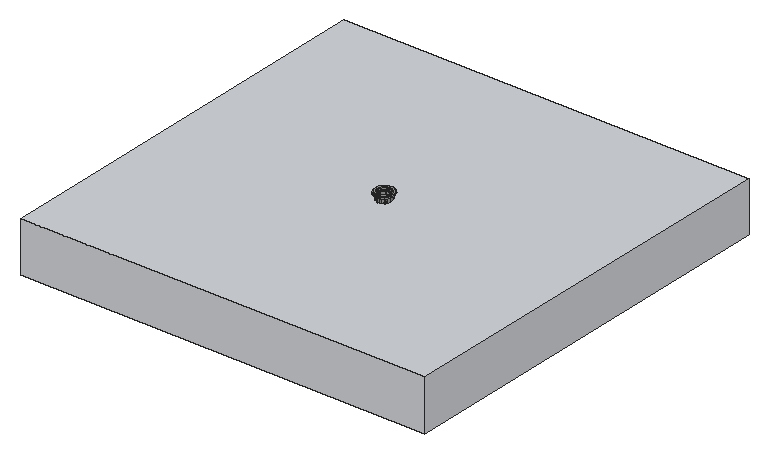
Revit family "Hekatron_Feststellanlagen_Sockel 143 UH_DE_22.01", category Brandmelder, Revit 2018
Family settings
  Basisbauteil = Fläche
  Beschriftungsausrichtung beibehalten = Ja
  Bemaßung runder Anschluss = Durchmesser verwenden
  Teiletyp = Normal
  OmniClass-Nummer = 23.85.30.21
  OmniClass-Titel = Environmental Detection/Registration
  Beim Laden mit Abzugskörper schneiden = Nein
  Gemeinsam genutzt = Nein
  Raumberechnungspunkt = Nein
Parameters (values of type "Base 143 UH")
  Zulässige Umgebungstemperatur = ""
  Zulässige Luftgeschwindigkeit = ""
  Zulassungen nach EN 54 = ""
  Version des BIM Objektes = "22.01"
  VdS-Anerkennung = ""
  URL = "https://www.hekatron-brandschutz.de"
  UB A&S Artikel Nummer = "5000359"
  Typenkommentare = "Unterputzsockel für Hohldecken"
  Tiefe (mm) = ""
  Stromaufnahme = ""
  Schutzart = "IP 42"
  Rauchteil einstellbar = ""
  Nettogewicht (g) = ""
  Montageart = "Unterputz"
  Modell = "Sockel 143 UH"
  Material = "PC"
  Link zum Datenblatt = ""
  Link zu ausschreiben.de = "http://www.ausschreiben.de/katalog/Hekatron/position/44"
  Link zu Produktinformation = "https://www.hekatron-planungstools.de/Produktinfo/Sockel_143_UH.PDF"
  Link zu Ausschreibungstext = "https://www.meinhplus.de/login"
  Leistungserklärung (DoP) = ""
  Lautstärke DIN-Ton (dB) = ""
  Kabeleinführung = "hinten, seitlich"
  Höhe (mm) = "42.5"
  Hersteller = "Hekatron"
  Heigth [instance] = 114 mm
  Funktionsprinzip = ""
  Farbe = "weiß, ähnlich RAL 9010"
  Ex-Zonen = ""
  Einstellung Temperaturklasse nach EN 54-5 = ""
  Einstellung Temperaturindex nach EN 54-5 = ""
  Einstellung Rauchempfindlichkeit nach EN 54-20 = ""
  Einstellen Rauchempfindlichkeit nach EN 54-7 = ""
  EG-Konformitätszertifikat / Zertifikat der Leistungsbeständigkeit = ""
  Durchmesser (mm) = "114.0"
  Depth [instance] = 40.5 mm
  Vorgabe-Ansicht = 1200 mm
  Breite (mm) = ""
  Betriebsspannung = ""
  Beschreibung = "Sockel zum Einsatz in Räumen mit Hohldecken und zur Unterputzmontage für den Rauchschalter ORS 142 und den Thermodifferntialschalter TDS 247."
  Bauartgenehmigungen = ""
  Anzahl Ansaugleitungen = ""
  Ansprechtemperatur = ""
  Alarm- & Empfindlichkeitsbereich = ""
Reference planes
  plane 1 "Center (Front/Back)": y = 0
  plane 2: z = 0
  plane 3 "Center (Left/Right)": x = 0
Forms (mm)
  Extrusion 1, solid
    sketch origin (0, 0, 0) x (1, 0, 0) y (0, 1, 0)
      loop
        line (-1219.2, 1219.2) -> (-1219.2, -1219.2) -> (1219.2, -1219.2) -> (1219.2, 1219.2) -> (-1219.2, 1219.2)
    from 0 to -304.8
  Revolve 2, solid, material "PC/ABS Plastic, RAL 9010"
    sketch origin (0, 0, 6.5) x (1, 0, 0) y (0, 0, 1)
      loop
        line (-39.25, 33) -> (-40.1, 33) -> (-39.65, 0) -> (0, 0) -> (0, 2.5) -> (-37.279, 2.5) -> (-37.488, 14.05) -> (0, 14.05) -> (0, 16) -> (-38.282, 16) -> (-38.35, 21) -> (-39.15, 21) -> (-39.25, 33)
      axis (0, 33) -> (0, 0)
    angle from 0 to 360
  Extrusion 3, void
    sketch origin (0, 0, 6.5) x (1, 0, 0) y (0, 1, 0)
      loop
        arc (28.36, -4.925) -> (32.5, 0) -> (28.36, 4.925) r 5
        arc (28.36, 4.925) -> (24.666, 14.838) -> (17.641, 22.746) r 28.785
        line (17.641, 22.746) -> (17.151, 22.114)
        arc (17.151, 22.114) -> (15.034, 23.604) -> (12.789, 24.892) r 27.985
        line (12.789, 24.892) -> (13.154, 25.603)
        arc (13.154, 25.603) -> (3.677, 28.549) -> (-6.238, 28.101) r 28.785
        line (-6.238, 28.101) -> (-6.064, 27.32)
        arc (-6.064, 27.32) -> (-8.505, 26.661) -> (-10.876, 25.785) r 27.985
        line (-10.876, 25.785) -> (-11.187, 26.522)
        arc (-11.187, 26.522) -> (-19.457, 21.213) -> (-25.459, 13.431) r 28.785
        line (-25.459, 13.431) -> (-24.752, 13.058)
        arc (-24.752, 13.058) -> (-25.863, 10.689) -> (-26.748, 8.228) r 27.985
        line (-26.748, 8.228) -> (-27.513, 8.463)
        arc (-27.513, 8.463) -> (-27.992, 6.708) -> (-28.36, 4.925) r 28.785
        arc (-28.36, 4.925) -> (-32.5, 0) -> (-28.36, -4.925) r 5
        arc (-28.36, -4.925) -> (-24.677, -14.82) -> (-17.673, -22.72) r 28.785
        line (-17.673, -22.72) -> (-17.182, -22.089)
        arc (-17.182, -22.089) -> (-15.045, -23.597) -> (-12.776, -24.898) r 27.985
        line (-12.776, -24.898) -> (-13.141, -25.61)
        arc (-13.141, -25.61) -> (-3.76, -28.538) -> (6.06, -28.14) r 28.785
        line (6.06, -28.14) -> (5.892, -27.358)
        arc (5.892, -27.358) -> (8.336, -26.714) -> (10.713, -25.853) r 27.985
        line (10.713, -25.853) -> (11.019, -26.592)
        arc (11.019, -26.592) -> (19.396, -21.269) -> (25.467, -13.417) r 28.785
        line (25.467, -13.417) -> (24.759, -13.045)
        arc (24.759, -13.045) -> (25.858, -10.701) -> (26.736, -8.266) r 27.985
        line (26.736, -8.266) -> (27.5, -8.503)
        arc (27.5, -8.503) -> (27.988, -6.728) -> (28.36, -4.925) r 28.785
    from 14.05 to 16
  Extrusion 4, void
    sketch origin (0, 0, 6.5) x (1, 0, 0) y (0, 1, 0)
      loop
        arc (-23.747, 19.926) -> (-23.932, 22.04) -> (-26.046, 21.855) r 1.5
        arc (-26.046, 21.855) -> (-28.356, 18.761) -> (-30.3, 15.425) r 34
        arc (-30.3, 15.425) -> (-31.284, 9.714) -> (-27.574, 14.166) r 3
        arc (-27.574, 14.166) -> (-25.822, 17.153) -> (-23.747, 19.926) r 31
      loop
        arc (26.046, 21.855) -> (23.4, 24.667) -> (20.452, 27.161) r 34
        arc (20.452, 27.161) -> (14.999, 29.122) -> (18.739, 24.695) r 3
        arc (18.739, 24.695) -> (21.376, 22.451) -> (23.747, 19.926) r 31
        arc (23.747, 19.926) -> (25.861, 19.742) -> (26.046, 21.855) r 1.5
      loop
        arc (30.3, -15.425) -> (31.284, -9.714) -> (27.574, -14.166) r 3
        arc (27.574, -14.166) -> (25.822, -17.153) -> (23.747, -19.926) r 31
        arc (23.747, -19.926) -> (23.932, -22.04) -> (26.046, -21.855) r 1.5
        arc (26.046, -21.855) -> (28.356, -18.761) -> (30.3, -15.425) r 34
      loop
        arc (7.66, -33.126) -> (12.668, -30.209) -> (6.873, -30.229) r 3
        arc (6.873, -30.229) -> (3.458, -30.807) -> (0, -31) r 31
        arc (0, -31) -> (-1.5, -32.5) -> (0, -34) r 1.5
        arc (0, -34) -> (3.855, -33.781) -> (7.66, -33.126) r 34
      loop
        arc (-20.452, -27.161) -> (-14.999, -29.122) -> (-18.739, -24.695) r 3
        arc (-18.739, -24.695) -> (-21.376, -22.451) -> (-23.747, -19.926) r 31
        arc (-23.747, -19.926) -> (-25.861, -19.742) -> (-26.046, -21.855) r 1.5
        arc (-26.046, -21.855) -> (-23.4, -24.667) -> (-20.452, -27.161) r 34
    from 14.05 to 16
  Extrusion 5, void
    sketch origin (0, 0, 6.5) x (0, 1, 0) y (0, 0, 1)
      loop
        circle (0, 8) r 5
    from 38.482 to 40.099
  Extrusion 6, void
    sketch origin (0, 0, 6.5) x (0, 1, 0) y (0, 0, -1)
      loop
        circle (0, -8) r 5
    from 38.482 to 40.099
  Extrusion 7, solid, material "PC/ABS Plastic, RAL 9010"
    sketch origin (0, 0, 6.5) x (1, 0, 0) y (0, 1, 0)
      loop
        line (26.626, 5.864) -> (27.992, 5.864)
        arc (27.992, 5.864) -> (24.302, 15.079) -> (17.685, 22.477) r 28.6
        line (17.685, 22.477) -> (17.177, 21.821)
        arc (17.177, 21.821) -> (14.919, 23.423) -> (12.513, 24.792) r 27.771
        line (12.513, 24.792) -> (12.892, 25.53)
        arc (12.892, 25.53) -> (3.653, 28.366) -> (-6.002, 27.963) r 28.6
        line (-6.002, 27.963) -> (-5.822, 27.153)
        arc (-5.822, 27.153) -> (-8.44, 26.457) -> (-10.977, 25.509) r 27.771
        line (-10.977, 25.509) -> (-11.299, 26.273)
        arc (-11.299, 26.273) -> (-19.332, 21.077) -> (-25.202, 13.521) r 28.6
        line (-25.202, 13.521) -> (-24.468, 13.134)
        arc (-24.468, 13.134) -> (-25.665, 10.608) -> (-26.601, 7.974) r 27.771
        line (-26.601, 7.974) -> (-27.394, 8.217)
        arc (-27.394, 8.217) -> (-27.718, 7.047) -> (-27.992, 5.864) r 28.6
        line (-27.992, 5.864) -> (-26.626, 5.864)
        arc (-26.626, 5.864) -> (0, 27.264) -> (26.626, 5.864) r 27.264
      loop
        arc (26.626, -5.864) -> (0, -27.264) -> (-26.626, -5.864) r 27.264
        line (-26.626, -5.864) -> (-27.992, -5.864)
        arc (-27.992, -5.864) -> (-24.313, -15.061) -> (-17.717, -22.451) r 28.6
        line (-17.717, -22.451) -> (-17.208, -21.797)
        arc (-17.208, -21.797) -> (-14.93, -23.416) -> (-12.5, -24.799) r 27.771
        line (-12.5, -24.799) -> (-12.878, -25.536)
        arc (-12.878, -25.536) -> (-3.735, -28.355) -> (5.826, -28) r 28.6
        line (5.826, -28) -> (5.651, -27.19)
        arc (5.651, -27.19) -> (8.273, -26.51) -> (10.816, -25.578) r 27.771
        line (10.816, -25.578) -> (11.133, -26.344)
        arc (11.133, -26.344) -> (19.271, -21.132) -> (25.209, -13.508) r 28.6
        line (25.209, -13.508) -> (24.475, -13.121)
        arc (24.475, -13.121) -> (25.66, -10.619) -> (26.59, -8.012) r 27.771
        line (26.59, -8.012) -> (27.382, -8.257)
        arc (27.382, -8.257) -> (27.713, -7.067) -> (27.992, -5.864) r 28.6
        line (27.992, -5.864) -> (26.626, -5.864)
    from 2.5 to 16
  Extrusion 8, void
    sketch origin (0, 0, 6.5) x (1, 0, 0) y (0, 1, 0)
      loop
        circle (25, 0) r 2.25
      loop
        circle (16.5, 0) r 4.75
      loop
        circle (-16.5, 0) r 4.75
      loop
        circle (-25, 0) r 2.25
      loop
        circle (-29.75, 0) r 1.85
      loop
        circle (29.75, 0) r 1.85
    from 0 to 2.5
  Blend 9, solid, material "PC/ABS Plastic, RAL 9010"
    base sketch origin (0, 0, 0) x (1, 0, 0) y (0, 1, 0)
      loop
        circle (-25, 0) r 1.75
    top sketch origin (0, 0, 0) x (1, 0, 0) y (0, 1, 0)
      loop
        circle (-25, 0) r 2.25
    from 9 to 7.75
  Blend 10, solid, material "PC/ABS Plastic, RAL 9010"
    base sketch origin (0, 0, 0) x (-1, 0, 0) y (0, -1, 0)
      loop
        circle (-16.5, 0) r 4.25
    top sketch origin (0, 0, 0) x (-1, 0, 0) y (0, -1, 0)
      loop
        circle (-16.5, 0) r 4.75
    from 9 to 7.75
  Extrusion 11, void
    sketch origin (0, 0, 6.5) x (1, 0, 0) y (0, 1, 0)
      loop
        circle (-9.773, -30.996) r 2.15
      loop
        circle (17.462, -27.41) r 2.15
      loop
        circle (30.026, 12.437) r 2.15
      loop
        circle (9.773, 30.996) r 2.15
      loop
        circle (-17.462, 27.41) r 2.15
      loop
        circle (-30.026, -12.437) r 2.15
    from 14.5 to 16
  Extrusion 12, solid, material "PC/ABS Plastic, RAL 9010"
    sketch origin (47.488, -14.973, 6.5) x (1, 0, 0) y (0, 1, 0)
      loop
        circle (-17.466, 27.408) r 1.9
      loop
        circle (-37.719, 45.966) r 1.9
      loop
        circle (-64.954, 42.381) r 1.9
      loop
        circle (-77.518, 2.533) r 1.9
      loop
        circle (-57.265, -16.025) r 1.9
      loop
        circle (-30.03, -12.44) r 1.9
    from 14.5 to 15.525
  Extrusion 13, void
    sketch origin (0, 0, 6.5) x (1, 0, 0) y (0, 1, 0)
      loop
        line (-35, -7.868) -> (-35, 7.75) -> (-37.489, 7.75)
        arc (-37.489, 7.75) -> (-38.083, 3.895) -> (-38.282, 0) r 38.282
        arc (-38.282, 0) -> (-38.077, -3.955) -> (-37.465, -7.868) r 38.282
        line (-37.465, -7.868) -> (-35, -7.868)
      loop
        line (34.75, -7.868) -> (37.465, -7.868)
        arc (37.465, -7.868) -> (38.077, -3.955) -> (38.282, 0) r 38.282
        arc (38.282, 0) -> (38.083, 3.895) -> (37.489, 7.75) r 38.282
        line (37.489, 7.75) -> (34.75, 7.75) -> (34.75, -7.868)
    from 14.05 to 16
  Extrusion 14, solid, material "PC/ABS Plastic, RAL 9010"
    sketch origin (0, 0, 6.5) x (1, 0, 0) y (0, 1, 0)
      loop
        arc (-37.53, 7.55) -> (-38.093, 3.794) -> (-38.282, 0) r 38.282
        arc (-38.282, 0) -> (-38.087, -3.853) -> (-37.506, -7.668) r 38.282
        line (-37.506, -7.668) -> (-35.1, -7.668) -> (-35.1, -5.07) -> (-36, -5.07) -> (-36, 5.07) -> (-35.1, 5.07) -> (-35.1, 7.55) -> (-37.53, 7.55)
    from 0 to 16
  Extrusion 15, solid, material "PC/ABS Plastic, RAL 9010"
    sketch origin (0, 0, 6.5) x (-1, 0, 0) y (0, -1, 0)
      loop
        line (-37.53, -7.55) -> (-35.1, -7.55) -> (-35.1, -5.07) -> (-36, -5.07) -> (-36, 5.07) -> (-35.1, 5.07) -> (-35.1, 7.668) -> (-37.506, 7.668)
        arc (-37.506, 7.668) -> (-38.087, 3.853) -> (-38.282, 0) r 38.282
        arc (-38.282, 0) -> (-38.093, -3.794) -> (-37.53, -7.55) r 38.282
    from 0 to 16
  Extrusion 16, void
    sketch origin (0, 0, 6.5) x (0, 1, 0) y (0, 0, 1)
      loop
        circle (0, 8) r 4
    from -36.527 to -36
  Extrusion 17, void
    sketch origin (0, 0, 6.5) x (0, 1, 0) y (0, 0, 1)
      loop
        circle (0, 8) r 1.5
    from -37.16 to -36.527
  Extrusion 18, void
    sketch origin (0, 0, 6.5) x (0, 1, 0) y (0, 0, -1)
      loop
        circle (0, -8) r 4
    from -36.527 to -36
  Extrusion 19, void
    sketch origin (0, 0, 6.5) x (0, 1, 0) y (0, 0, -1)
      loop
        circle (0, -8) r 1.5
    from -37.16 to -36.527
  Revolve 20, solid, material "PC/ABS Plastic, RAL 9010"
    sketch origin (0, 0, 6.5) x (1, 0, 0) y (0, 0, 1)
      loop
        line (-2.75, 2.5) -> (0, 2.5) -> (0, 3.595)
        arc (0, 3.595) -> (-1.48, 3.311) -> (-2.75, 2.5) r 4
      axis (0, 3.595) -> (0, 2.5)
    angle from 0 to 360
  Blend 21, solid, material "PC/ABS Plastic, RAL 9010"
    base sketch origin (0, 0, 2.5) x (0, -1, 0) y (1, 0, 0)
      loop
        circle (0, -25) r 1.75
    top sketch origin (0, 0, 2.5) x (0, -1, 0) y (1, 0, 0)
      loop
        circle (0, -25) r 2.25
    from 4 to 5.25
  Blend 22, solid, material "PC/ABS Plastic, RAL 9010"
    base sketch origin (0, 0, 2.5) x (0, 1, 0) y (-1, 0, 0)
      loop
        circle (0, -16.5) r 4.25
    top sketch origin (0, 0, 2.5) x (0, 1, 0) y (-1, 0, 0)
      loop
        circle (0, -16.5) r 4.75
    from 4 to 5.25
  Blend 23, solid, material "PC/ABS Plastic, RAL 9010"
    base sketch origin (0, 0, 0) x (1, 0, 0) y (0, 1, 0)
      loop
        circle (-16.5, 0) r 4.25
    top sketch origin (0, 0, 0) x (1, 0, 0) y (0, 1, 0)
      loop
        circle (-16.5, 0) r 4.75
    from 9 to 7.75
  Blend 24, solid, material "PC/ABS Plastic, RAL 9010"
    base sketch origin (0, 0, 2.5) x (0, -1, 0) y (1, 0, 0)
      loop
        circle (0, -16.5) r 4.25
    top sketch origin (0, 0, 2.5) x (0, -1, 0) y (1, 0, 0)
      loop
        circle (0, -16.5) r 4.75
    from 4 to 5.25
  Blend 25, solid, material "PC/ABS Plastic, RAL 9010"
    base sketch origin (0, 0, 0) x (-1, 0, 0) y (0, -1, 0)
      loop
        circle (-25, 0) r 1.75
    top sketch origin (0, 0, 0) x (-1, 0, 0) y (0, -1, 0)
      loop
        circle (-25, 0) r 2.25
    from 9 to 7.75
  Blend 26, solid, material "PC/ABS Plastic, RAL 9010"
    base sketch origin (0, 0, 2.5) x (0, 1, 0) y (-1, 0, 0)
      loop
        circle (0, -25) r 1.75
    top sketch origin (0, 0, 2.5) x (0, 1, 0) y (-1, 0, 0)
      loop
        circle (0, -25) r 2.25
    from 4 to 5.25
  Revolve 27, solid, material "PC/ABS Plastic, RAL 9010"
    sketch origin (0, 0, 0) x (1, 0, 0) y (0, 0, 1)
      loop
        line (-53.825, 40.5) -> (-57, 35) -> (-57, 32) -> (-42, 32) -> (-42, 0) -> (-32, 0) -> (-32, 2) -> (-36.5, 2) -> (-36.5, 6.5) -> (-39.65, 6.5) -> (-40.1, 39.5) -> (-39.15, 39.5) -> (-39.15, 40.5) -> (-53.825, 40.5)
      axis (0, 40.5) -> (0, 0)
    angle from 0 to 360
  Extrusion 28, void
    sketch origin (0, 0, 0) x (1, 0, 0) y (0, 1, 0)
      loop
        arc (-28.932, 30.445) -> (-29.824, 29.573) -> (-30.688, 28.674) r 42
        arc (-30.688, 28.674) -> (-28.862, 28.62) -> (-28.932, 30.445) r 1.25
      loop
        arc (28.932, 30.445) -> (28.862, 28.62) -> (30.688, 28.674) r 1.25
        arc (30.688, 28.674) -> (29.824, 29.573) -> (28.932, 30.445) r 42
      loop
        arc (-28.932, -30.445) -> (-28.862, -28.62) -> (-30.688, -28.674) r 1.25
        arc (-30.688, -28.674) -> (-29.824, -29.573) -> (-28.932, -30.445) r 42
      loop
        arc (28.932, -30.445) -> (29.824, -29.573) -> (30.688, -28.674) r 42
        arc (30.688, -28.674) -> (28.862, -28.62) -> (28.932, -30.445) r 1.25
    from 0 to 32
  Extrusion 29, void
    sketch origin (0, 0, 0) x (1, 0, 0) y (0, 1, 0)
      loop
        arc (-24.529, 29.5) -> (-24.889, 31.405) -> (-25.92, 33.048) r 5.221
        arc (-25.92, 33.048) -> (-26.883, 32.269) -> (-27.823, 31.462) r 42
        arc (-27.823, 31.462) -> (-27.214, 30.564) -> (-27, 29.5) r 2.75
        arc (-27, 29.5) -> (-28.698, 26.959) -> (-31.696, 27.557) r 2.75
        arc (-31.696, 27.557) -> (-32.495, 26.61) -> (-33.265, 25.64) r 42
        arc (-33.265, 25.64) -> (-27.64, 24.725) -> (-24.529, 29.5) r 5.221
      loop
        arc (24.529, 29.5) -> (27.64, 24.725) -> (33.265, 25.64) r 5.221
        arc (33.265, 25.64) -> (32.495, 26.61) -> (31.696, 27.557) r 42
        arc (31.696, 27.557) -> (28.698, 26.959) -> (27, 29.5) r 2.75
        arc (27, 29.5) -> (27.214, 30.564) -> (27.823, 31.462) r 2.75
        arc (27.823, 31.462) -> (26.883, 32.269) -> (25.92, 33.048) r 42
        arc (25.92, 33.048) -> (24.889, 31.405) -> (24.529, 29.5) r 5.221
      loop
        arc (-24.529, -29.5) -> (-27.64, -24.725) -> (-33.265, -25.64) r 5.221
        arc (-33.265, -25.64) -> (-32.495, -26.61) -> (-31.696, -27.557) r 42
        arc (-31.696, -27.557) -> (-28.698, -26.959) -> (-27, -29.5) r 2.75
        arc (-27, -29.5) -> (-27.214, -30.564) -> (-27.823, -31.462) r 2.75
        arc (-27.823, -31.462) -> (-26.883, -32.269) -> (-25.92, -33.048) r 42
        arc (-25.92, -33.048) -> (-24.889, -31.405) -> (-24.529, -29.5) r 5.221
      loop
        arc (24.529, -29.5) -> (24.889, -31.405) -> (25.92, -33.048) r 5.221
        arc (25.92, -33.048) -> (26.883, -32.269) -> (27.823, -31.462) r 42
        arc (27.823, -31.462) -> (27.214, -30.564) -> (27, -29.5) r 2.75
        arc (27, -29.5) -> (28.698, -26.959) -> (31.696, -27.557) r 2.75
        arc (31.696, -27.557) -> (32.495, -26.61) -> (33.265, -25.64) r 42
        arc (33.265, -25.64) -> (27.64, -24.725) -> (24.529, -29.5) r 5.221
    from 0 to 5
  Extrusion 30, solid, material "PC/ABS Plastic, RAL 9010"
    sketch origin (0, 0, 0) x (1, 0, 0) y (0, 1, 0)
      loop
        arc (-25.92, 33.048) -> (-33.457, 33.176) -> (-33.265, 25.64) r 5.221
        arc (-33.265, 25.64) -> (-33.019, 25.957) -> (-32.769, 26.271) r 42
        arc (-32.769, 26.271) -> (-32.889, 32.613) -> (-26.547, 32.547) r 4.421
        arc (-26.547, 32.547) -> (-26.234, 32.799) -> (-25.92, 33.048) r 42
      loop
        arc (-27.823, 31.462) -> (-31.703, 31.436) -> (-31.696, 27.557) r 2.75
        arc (-31.696, 27.557) -> (-31.197, 28.12) -> (-30.688, 28.674) r 42
        arc (-30.688, 28.674) -> (-30.638, 30.38) -> (-28.932, 30.445) r 1.25
        arc (-28.932, 30.445) -> (-28.382, 30.959) -> (-27.823, 31.462) r 42
      loop
        arc (25.92, 33.048) -> (26.234, 32.799) -> (26.547, 32.547) r 42
        arc (26.547, 32.547) -> (32.889, 32.613) -> (32.769, 26.271) r 4.421
        arc (32.769, 26.271) -> (33.019, 25.957) -> (33.265, 25.64) r 42
        arc (33.265, 25.64) -> (33.457, 33.176) -> (25.92, 33.048) r 5.221
      loop
        arc (27.823, 31.462) -> (28.382, 30.959) -> (28.932, 30.445) r 42
        arc (28.932, 30.445) -> (30.638, 30.38) -> (30.688, 28.674) r 1.25
        arc (30.688, 28.674) -> (31.197, 28.12) -> (31.696, 27.557) r 42
        arc (31.696, 27.557) -> (31.703, 31.436) -> (27.823, 31.462) r 2.75
      loop
        arc (-25.92, -33.048) -> (-26.234, -32.799) -> (-26.547, -32.547) r 42
        arc (-26.547, -32.547) -> (-32.889, -32.613) -> (-32.769, -26.271) r 4.421
        arc (-32.769, -26.271) -> (-33.019, -25.957) -> (-33.265, -25.64) r 42
        arc (-33.265, -25.64) -> (-33.457, -33.176) -> (-25.92, -33.048) r 5.221
      loop
        arc (-27.823, -31.462) -> (-28.382, -30.959) -> (-28.932, -30.445) r 42
        arc (-28.932, -30.445) -> (-30.638, -30.38) -> (-30.688, -28.674) r 1.25
        arc (-30.688, -28.674) -> (-31.197, -28.12) -> (-31.696, -27.557) r 42
        arc (-31.696, -27.557) -> (-31.703, -31.436) -> (-27.823, -31.462) r 2.75
      loop
        arc (25.92, -33.048) -> (33.457, -33.176) -> (33.265, -25.64) r 5.221
        arc (33.265, -25.64) -> (33.019, -25.957) -> (32.769, -26.271) r 42
        arc (32.769, -26.271) -> (32.889, -32.613) -> (26.547, -32.547) r 4.421
        arc (26.547, -32.547) -> (26.234, -32.799) -> (25.92, -33.048) r 42
      loop
        arc (27.823, -31.462) -> (31.703, -31.436) -> (31.696, -27.557) r 2.75
        arc (31.696, -27.557) -> (31.197, -28.12) -> (30.688, -28.674) r 42
        arc (30.688, -28.674) -> (30.638, -30.38) -> (28.932, -30.445) r 1.25
        arc (28.932, -30.445) -> (28.382, -30.959) -> (27.823, -31.462) r 42
    from 0 to 32
  Extrusion 31, solid, material "PC/ABS Plastic, RAL 9010"
    sketch origin (0, 0, 0) x (1, 0, 0) y (0, 1, 0)
      loop
        arc (-33.265, 25.64) -> (-26.043, 25.824) -> (-25.92, 33.048) r 5.221
        arc (-25.92, 33.048) -> (-26.234, 32.799) -> (-26.547, 32.547) r 42
        arc (-26.547, 32.547) -> (-26.611, 26.387) -> (-32.769, 26.271) r 4.421
        arc (-32.769, 26.271) -> (-33.019, 25.957) -> (-33.265, 25.64) r 42
      loop
        arc (33.265, 25.64) -> (33.019, 25.957) -> (32.769, 26.271) r 42
        arc (32.769, 26.271) -> (26.611, 26.387) -> (26.547, 32.547) r 4.421
        arc (26.547, 32.547) -> (26.234, 32.799) -> (25.92, 33.048) r 42
        arc (25.92, 33.048) -> (26.043, 25.824) -> (33.265, 25.64) r 5.221
      loop
        arc (-33.265, -25.64) -> (-33.019, -25.957) -> (-32.769, -26.271) r 42
        arc (-32.769, -26.271) -> (-26.611, -26.387) -> (-26.547, -32.547) r 4.421
        arc (-26.547, -32.547) -> (-26.234, -32.799) -> (-25.92, -33.048) r 42
        arc (-25.92, -33.048) -> (-26.043, -25.824) -> (-33.265, -25.64) r 5.221
      loop
        arc (33.265, -25.64) -> (26.043, -25.824) -> (25.92, -33.048) r 5.221
        arc (25.92, -33.048) -> (26.234, -32.799) -> (26.547, -32.547) r 42
        arc (26.547, -32.547) -> (26.611, -26.387) -> (32.769, -26.271) r 4.421
        arc (32.769, -26.271) -> (33.019, -25.957) -> (33.265, -25.64) r 42
    from 0 to 4
  Extrusion 32, void
    sketch origin (0, 0, 0) x (1, 0, 0) y (0, 1, 0)
      loop
        circle (-29.75, 29.5) r 2.75
      loop
        circle (29.75, 29.5) r 2.75
      loop
        circle (-29.75, -29.5) r 2.75
      loop
        circle (29.75, -29.5) r 2.75
    from 0 to 2
  Extrusion 33, solid, material "PC/ABS Plastic, RAL 9010"
    sketch origin (0, 0, 0) x (1, 0, 0) y (0, 1, 0)
      loop
        arc (-9.5, 45.264) -> (-10.251, 45.1) -> (-11, 44.923) r 46.25
        line (-11, 44.923) -> (-11, 40.534)
        arc (-11, 40.534) -> (-10.252, 40.73) -> (-9.5, 40.911) r 42
        line (-9.5, 40.911) -> (-9.5, 45.264)
      loop
        line (0.75, 41.993) -> (0.75, 46.244)
        arc (0.75, 46.244) -> (0, 46.25) -> (-0.75, 46.244) r 46.25
        line (-0.75, 46.244) -> (-0.75, 41.993)
        arc (-0.75, 41.993) -> (0, 42) -> (0.75, 41.993) r 42
      loop
        line (11, 40.534) -> (11, 44.923)
        arc (11, 44.923) -> (10.251, 45.1) -> (9.5, 45.264) r 46.25
        line (9.5, 45.264) -> (9.5, 40.911)
        arc (9.5, 40.911) -> (10.252, 40.73) -> (11, 40.534) r 42
      loop
        line (-9.5, -45.264) -> (-9.5, -40.911)
        arc (-9.5, -40.911) -> (-10.252, -40.73) -> (-11, -40.534) r 42
        line (-11, -40.534) -> (-11, -44.923)
        arc (-11, -44.923) -> (-10.251, -45.1) -> (-9.5, -45.264) r 46.25
      loop
        arc (0.75, -41.993) -> (0, -42) -> (-0.75, -41.993) r 42
        line (-0.75, -41.993) -> (-0.75, -46.244)
        arc (-0.75, -46.244) -> (0, -46.25) -> (0.75, -46.244) r 46.25
        line (0.75, -46.244) -> (0.75, -41.993)
      loop
        arc (11, -40.534) -> (10.252, -40.73) -> (9.5, -40.911) r 42
        line (9.5, -40.911) -> (9.5, -45.264)
        arc (9.5, -45.264) -> (10.251, -45.1) -> (11, -44.923) r 46.25
        line (11, -44.923) -> (11, -40.534)
    from 0 to 32
  Extrusion 34, solid, material "PC/ABS Plastic, RAL 9010"
    sketch origin (0, 0, 0) x (1, 0, 0) y (0, 1, 0)
      loop
        line (-29.75, 4) -> (-36.527, 4) -> (-36.527, -4) -> (-29.75, -4)
        arc (-29.75, -4) -> (-25.75, 0) -> (-29.75, 4) r 4
      loop
        arc (29.75, 4) -> (25.75, 0) -> (29.75, -4) r 4
        line (29.75, -4) -> (36.527, -4) -> (36.527, 4) -> (29.75, 4)
    from 2 to 6.5
  Extrusion 35, void
    sketch origin (0, 0, 0) x (1, 0, 0) y (0, 1, 0)
      loop
        arc (31.934, 2.057) -> (32, 0) -> (31.934, -2.057) r 32
        arc (31.934, -2.057) -> (32.75, 0) -> (31.934, 2.057) r 3
      loop
        arc (-31.934, -2.057) -> (-32, 0) -> (-31.934, 2.057) r 32
        arc (-31.934, 2.057) -> (-32.75, 0) -> (-31.934, -2.057) r 3
    from 0 to 2
  Extrusion 36, void
    sketch origin (0, 0, 0) x (1, 0, 0) y (0, 1, 0)
      loop
        circle (0, 0) r 22
    from 6.5 to 7
  Extrusion 37, solid, material "PC/ABS Plastic, RAL 9010"
    sketch origin (0, 0, 0) x (1, 0, 0) y (0, 1, 0)
      loop
        arc (-16.906, -14.078) -> (-15.556, -15.556) -> (-14.078, -16.906) r 22
        line (-14.078, -16.906) -> (-4.791, -7.619)
        arc (-4.791, -7.619) -> (-3.444, -8.315) -> (-2, -8.775) r 9
        line (-2, -8.775) -> (-2, -21.909)
        arc (-2, -21.909) -> (0, -22) -> (2, -21.909) r 22
        line (2, -21.909) -> (2, -8.775)
        arc (2, -8.775) -> (3.444, -8.315) -> (4.791, -7.619) r 9
        line (4.791, -7.619) -> (14.078, -16.906)
        arc (14.078, -16.906) -> (15.556, -15.556) -> (16.906, -14.078) r 22
        line (16.906, -14.078) -> (7.619, -4.791)
        arc (7.619, -4.791) -> (9, 0) -> (7.619, 4.791) r 9
        line (7.619, 4.791) -> (16.906, 14.078)
        arc (16.906, 14.078) -> (15.556, 15.556) -> (14.078, 16.906) r 22
        line (14.078, 16.906) -> (4.791, 7.619)
        arc (4.791, 7.619) -> (3.444, 8.315) -> (2, 8.775) r 9
        line (2, 8.775) -> (2, 21.909)
        arc (2, 21.909) -> (0, 22) -> (-2, 21.909) r 22
        line (-2, 21.909) -> (-2, 8.775)
        arc (-2, 8.775) -> (-3.444, 8.315) -> (-4.791, 7.619) r 9
        line (-4.791, 7.619) -> (-14.078, 16.906)
        arc (-14.078, 16.906) -> (-15.556, 15.556) -> (-16.906, 14.078) r 22
        line (-16.906, 14.078) -> (-7.619, 4.791)
        arc (-7.619, 4.791) -> (-9, 0) -> (-7.619, -4.791) r 9
        line (-7.619, -4.791) -> (-16.906, -14.078)
      loop
        circle (0, 0) r 6
    from 6.8 to 7
Cuts and joins
  Extrusion 3, Extrusion 4, Extrusion 5, Extrusion 6, Extrusion 8, Extrusion 11, Extrusion 13, Extrusion 16, Extrusion 29, Extrusion 36 cuts Revolve 2
  Extrusion 16, Extrusion 17, Extrusion 18, Extrusion 19 cuts Extrusion 14
  Extrusion 17, Extrusion 18, Extrusion 19 cuts Extrusion 15
  Extrusion 5 cuts Extrusion 7
  Extrusion 28, Extrusion 29, Extrusion 32, Extrusion 35 cuts Revolve 27
  Extrusion 35 cuts Extrusion 33
  joined: Revolve 27, Extrusion 33
  Extrusion 32 cuts Extrusion 30
  Extrusion 35 cuts Extrusion 34
  Extrusion 36 cuts Blend 10
  Extrusion 36 cuts Revolve 20
  Extrusion 36 cuts Blend 22
  Extrusion 36 cuts Blend 23
  Extrusion 36 cuts Blend 24
Dimensions and locks
  "Depth": cut or joined group of Revolve 27, Extrusion 28, Extrusion 29, Extrusion 32, Extrusion 33, Extrusion 35 to Extrusion 1
  "Heigth": cut or joined group of Revolve 27, Extrusion 28, Extrusion 29, Extrusion 32, Extrusion 33, Extrusion 35 to cut or joined group of Revolve 27, Extrusion 28, Extrusion 29, Extrusion 32, Extrusion 33, Extrusion 35
  aligned and locked: plane 2 to Extrusion 1
  aligned and locked: level to Extrusion 1
Automatic sketch dimensions
  Extrusion 1 sketch curve to Extrusion 1 sketch curve = 2438.4 mm  (x2)
  Revolve 2 sketch curve to plane 3 "Center (Left/Right)" = 0 mm  (x3)
  level to Revolve 2 sketch curve = 9 mm
  Revolve 2 sketch curve to Revolve 2 sketch curve = 37.279 mm
  Revolve 2 sketch curve to Revolve 2 sketch curve = 0.209 mm
  Revolve 2 sketch curve to Revolve 2 sketch curve = 0.794 mm
  Revolve 2 sketch curve to Revolve 2 sketch curve = 0.068 mm
  Revolve 2 sketch curve to Revolve 2 sketch curve = 0.8 mm
  Revolve 2 sketch curve to Revolve 2 sketch curve = 0.1 mm
  Revolve 2 sketch curve to Revolve 2 sketch curve = 2.371 mm
  Revolve 2 sketch curve to Revolve 2 sketch curve = 0.85 mm
  Revolve 2 sketch curve to Revolve 2 sketch curve = 2.5 mm
  Revolve 2 sketch curve to Revolve 2 sketch curve = 11.55 mm
  Revolve 2 sketch curve to Revolve 2 sketch curve = 1.95 mm
  Revolve 2 sketch curve to Revolve 2 sketch curve = 5 mm
  Revolve 2 sketch curve to Revolve 2 sketch curve = 12 mm
  Revolve 2 sketch curve to level = 603.1 mm
  Revolve 2 sketch curve to Revolve 2 sketch curve = 2576.058 mm
  Extrusion 3 sketch curve to Extrusion 3 sketch curve = 0 mm  (x182)
  plane 1 "Center (Front/Back)" to Extrusion 3 sketch curve = 0 mm  (x3)
  Extrusion 3 sketch curve to plane 3 "Center (Left/Right)" = 0 mm
  Extrusion 3 sketch curve to plane 3 "Center (Left/Right)" = 6.064 mm
  Extrusion 3 sketch curve to Extrusion 3 sketch curve = 0.173 mm
  Extrusion 3 sketch curve to Extrusion 3 sketch curve = 4.812 mm
  Extrusion 3 sketch curve to Extrusion 3 sketch curve = 0.311 mm
  Extrusion 3 sketch curve to plane 3 "Center (Left/Right)" = 12.776 mm
  Extrusion 3 sketch curve to Extrusion 3 sketch curve = 0.365 mm
  Extrusion 3 sketch curve to Extrusion 3 sketch curve = 4.407 mm
  Extrusion 3 sketch curve to Extrusion 3 sketch curve = 0.491 mm
  Extrusion 3 sketch curve to Extrusion 3 sketch curve = 13.876 mm
  Extrusion 3 sketch curve to Extrusion 3 sketch curve = 0.708 mm  (x2)
  Extrusion 3 sketch curve to plane 1 "Center (Front/Back)" = 8.228 mm
  Extrusion 3 sketch curve to Extrusion 3 sketch curve = 1.996 mm
  Extrusion 3 sketch curve to Extrusion 3 sketch curve = 0.752 mm
  Extrusion 3 sketch curve to plane 1 "Center (Front/Back)" = 8.463 mm
  Extrusion 3 sketch curve to Extrusion 3 sketch curve = 0.765 mm
  plane 3 "Center (Left/Right)" to Extrusion 3 sketch curve = 5.892 mm
  Extrusion 3 sketch curve to Extrusion 3 sketch curve = 0.168 mm
  Extrusion 3 sketch curve to Extrusion 3 sketch curve = 4.821 mm
  Extrusion 3 sketch curve to Extrusion 3 sketch curve = 0.306 mm
  plane 3 "Center (Left/Right)" to Extrusion 3 sketch curve = 12.789 mm
  Extrusion 3 sketch curve to Extrusion 3 sketch curve = 0.366 mm
  Extrusion 3 sketch curve to Extrusion 3 sketch curve = 4.362 mm
  Extrusion 3 sketch curve to Extrusion 3 sketch curve = 0.49 mm
  Extrusion 3 sketch curve to Extrusion 3 sketch curve = 14.046 mm
  plane 1 "Center (Front/Back)" to Extrusion 3 sketch curve = 8.266 mm
  Extrusion 3 sketch curve to Extrusion 3 sketch curve = 1.977 mm
  Extrusion 3 sketch curve to Extrusion 3 sketch curve = 0.764 mm  (x2)
  plane 1 "Center (Front/Back)" to Extrusion 3 sketch curve = 8.503 mm
  Extrusion 3 sketch curve to Extrusion 3 sketch curve = 0.373 mm  (x2)
  plane 1 "Center (Front/Back)" to Extrusion 3 sketch curve = 22.089 mm
  Extrusion 3 sketch curve to Extrusion 3 sketch curve = 0.631 mm
  Extrusion 3 sketch curve to Extrusion 3 sketch curve = 0.712 mm  (x2)
  Extrusion 3 sketch curve to Extrusion 3 sketch curve = 0.739 mm
  Extrusion 3 sketch curve to plane 1 "Center (Front/Back)" = 22.114 mm
  Extrusion 3 sketch curve to Extrusion 3 sketch curve = 0.632 mm
  Extrusion 3 sketch curve to Extrusion 3 sketch curve = 0.737 mm
  plane 1 "Center (Front/Back)" to Extrusion 3 sketch curve = 4.925 mm
  Extrusion 3 sketch curve to plane 1 "Center (Front/Back)" = 4.925 mm
  Extrusion 4 sketch curve to Extrusion 4 sketch curve = 0 mm  (x97)
  plane 1 "Center (Front/Back)" to Extrusion 4 sketch curve = 0 mm
  Extrusion 4 sketch curve to plane 3 "Center (Left/Right)" = 0 mm
  Extrusion 4 sketch curve to plane 3 "Center (Left/Right)" = 17.462 mm
  Extrusion 4 sketch curve to plane 3 "Center (Left/Right)" = 24.896 mm
  Extrusion 4 sketch curve to Extrusion 4 sketch curve = 7.434 mm  (x2)
  Extrusion 4 sketch curve to Extrusion 4 sketch curve = 5.13 mm  (x2)
  plane 3 "Center (Left/Right)" to Extrusion 4 sketch curve = 9.773 mm
  plane 3 "Center (Left/Right)" to Extrusion 4 sketch curve = 17.462 mm
  Extrusion 4 sketch curve to Extrusion 4 sketch curve = 15.124 mm
  plane 1 "Center (Front/Back)" to Extrusion 4 sketch curve = 12.437 mm
  Extrusion 4 sketch curve to Extrusion 4 sketch curve = 8.453 mm  (x2)
  plane 1 "Center (Front/Back)" to Extrusion 4 sketch curve = 20.891 mm
  Extrusion 4 sketch curve to Extrusion 4 sketch curve = 6.52 mm  (x2)
  Extrusion 4 sketch curve to Extrusion 4 sketch curve = 10.105 mm
  Extrusion 4 sketch curve to Extrusion 4 sketch curve = 1.504 mm
  Extrusion 4 sketch curve to plane 1 "Center (Front/Back)" = 12.437 mm
  Extrusion 4 sketch curve to plane 1 "Center (Front/Back)" = 20.891 mm
  Extrusion 4 sketch curve to Extrusion 4 sketch curve = 1.276 mm  (x2)
  Extrusion 4 sketch curve to Extrusion 4 sketch curve = 2.99 mm  (x2)
  Extrusion 4 sketch curve to Extrusion 4 sketch curve = 1.149 mm  (x4)
  Extrusion 4 sketch curve to Extrusion 4 sketch curve = 2.452 mm  (x2)
  Extrusion 4 sketch curve to Extrusion 4 sketch curve = 2.9 mm
  Extrusion 4 sketch curve to Extrusion 4 sketch curve = 2.113 mm
  Extrusion 4 sketch curve to Extrusion 4 sketch curve = 0.767 mm
  Extrusion 5 sketch curve to plane 1 "Center (Front/Back)" = 0 mm
  level to Extrusion 5 sketch curve = 14.5 mm
  Extrusion 6 sketch curve to plane 1 "Center (Front/Back)" = 0 mm
  level to Extrusion 6 sketch curve = 14.5 mm
  Extrusion 7 sketch curve to Extrusion 7 sketch curve = 0 mm  (x240)
  plane 1 "Center (Front/Back)" to Extrusion 7 sketch curve = 0 mm
  Extrusion 7 sketch curve to plane 3 "Center (Left/Right)" = 0 mm
  Extrusion 7 sketch curve to plane 3 "Center (Left/Right)" = 5.822 mm
  Extrusion 7 sketch curve to Extrusion 7 sketch curve = 0.18 mm
  Extrusion 7 sketch curve to Extrusion 7 sketch curve = 5.154 mm
  Extrusion 7 sketch curve to Extrusion 7 sketch curve = 0.322 mm
  Extrusion 7 sketch curve to plane 3 "Center (Left/Right)" = 12.5 mm
  Extrusion 7 sketch curve to Extrusion 7 sketch curve = 0.379 mm  (x2)
  Extrusion 7 sketch curve to Extrusion 7 sketch curve = 4.708 mm
  Extrusion 7 sketch curve to Extrusion 7 sketch curve = 0.509 mm
  Extrusion 7 sketch curve to Extrusion 7 sketch curve = 13.492 mm
  Extrusion 7 sketch curve to Extrusion 7 sketch curve = 0.734 mm  (x2)
  Extrusion 7 sketch curve to plane 1 "Center (Front/Back)" = 7.974 mm
  Extrusion 7 sketch curve to Extrusion 7 sketch curve = 2.133 mm
  plane 1 "Center (Front/Back)" to Extrusion 7 sketch curve = 5.864 mm
  Extrusion 7 sketch curve to Extrusion 7 sketch curve = 0.025 mm  (x2)
  Extrusion 7 sketch curve to plane 1 "Center (Front/Back)" = 8.217 mm
  Extrusion 7 sketch curve to Extrusion 7 sketch curve = 0.793 mm
  Extrusion 7 sketch curve to Extrusion 7 sketch curve = 1.366 mm  (x3)
  plane 3 "Center (Left/Right)" to Extrusion 7 sketch curve = 5.651 mm
  Extrusion 7 sketch curve to Extrusion 7 sketch curve = 0.175 mm
  Extrusion 7 sketch curve to Extrusion 7 sketch curve = 5.165 mm
  Extrusion 7 sketch curve to Extrusion 7 sketch curve = 0.317 mm
  plane 3 "Center (Left/Right)" to Extrusion 7 sketch curve = 12.513 mm
  Extrusion 7 sketch curve to Extrusion 7 sketch curve = 4.664 mm
  Extrusion 7 sketch curve to Extrusion 7 sketch curve = 0.508 mm
  Extrusion 7 sketch curve to Extrusion 7 sketch curve = 13.66 mm
  plane 1 "Center (Front/Back)" to Extrusion 7 sketch curve = 8.012 mm
  Extrusion 7 sketch curve to Extrusion 7 sketch curve = 2.115 mm
  Extrusion 7 sketch curve to plane 1 "Center (Front/Back)" = 5.864 mm
  Extrusion 7 sketch curve to Extrusion 7 sketch curve = 0.036 mm
  plane 1 "Center (Front/Back)" to Extrusion 7 sketch curve = 8.257 mm
  Extrusion 7 sketch curve to Extrusion 7 sketch curve = 0.792 mm
  Extrusion 7 sketch curve to Extrusion 7 sketch curve = 2.347 mm
  Extrusion 7 sketch curve to Extrusion 7 sketch curve = 0.738 mm  (x2)
  Extrusion 7 sketch curve to Extrusion 7 sketch curve = 2.422 mm
  Extrusion 7 sketch curve to Extrusion 7 sketch curve = 0.766 mm
  Extrusion 7 sketch curve to Extrusion 7 sketch curve = 0.387 mm
  Extrusion 7 sketch curve to Extrusion 7 sketch curve = 0.655 mm
  Extrusion 7 sketch curve to Extrusion 7 sketch curve = 0.764 mm
  Extrusion 8 sketch curve to Extrusion 8 sketch curve = 0 mm  (x12)
  plane 1 "Center (Front/Back)" to Extrusion 8 sketch curve = 0 mm  (x6)
  Extrusion 8 sketch curve to plane 3 "Center (Left/Right)" = 29.75 mm
  Extrusion 8 sketch curve to Extrusion 8 sketch curve = 4.75 mm  (x3)
  Extrusion 8 sketch curve to Extrusion 8 sketch curve = 8.5 mm  (x2)
  plane 3 "Center (Left/Right)" to Extrusion 8 sketch curve = 16.5 mm
  Extrusion 8 sketch curve to Extrusion 8 sketch curve = 1.85 mm
  Extrusion 8 sketch curve to Extrusion 8 sketch curve = 0.65 mm  (x2)
  Extrusion 8 sketch curve to Extrusion 8 sketch curve = 1.5 mm  (x2)
  Blend 9 sketch curve to Blend 9 sketch curve = 0 mm  (x4)
  plane 1 "Center (Front/Back)" to Blend 9 sketch curve = 0 mm  (x2)
  Blend 9 sketch curve to plane 3 "Center (Left/Right)" = 25 mm  (x2)
  Blend 9 sketch curve to Blend 9 sketch curve = 1.75 mm
  Blend 9 sketch curve to Blend 9 sketch curve = 2.25 mm
  Blend 10 sketch curve to Blend 10 sketch curve = 0 mm  (x4)
  plane 1 "Center (Front/Back)" to Blend 10 sketch curve = 0 mm  (x2)
  Blend 10 sketch curve to plane 3 "Center (Left/Right)" = 16.5 mm  (x2)
  Blend 10 sketch curve to Blend 10 sketch curve = 4.25 mm
  Blend 10 sketch curve to Blend 10 sketch curve = 4.75 mm
  Extrusion 11 sketch curve to Extrusion 11 sketch curve = 0 mm  (x12)
  plane 1 "Center (Front/Back)" to Extrusion 11 sketch curve = 12.437 mm
  Extrusion 11 sketch curve to plane 3 "Center (Left/Right)" = 30.026 mm
  Extrusion 11 sketch curve to plane 3 "Center (Left/Right)" = 17.462 mm
  Extrusion 11 sketch curve to plane 3 "Center (Left/Right)" = 9.773 mm
  plane 3 "Center (Left/Right)" to Extrusion 11 sketch curve = 9.773 mm
  plane 3 "Center (Left/Right)" to Extrusion 11 sketch curve = 17.462 mm
  Extrusion 11 sketch curve to plane 1 "Center (Front/Back)" = 12.437 mm
  Extrusion 11 sketch curve to Extrusion 11 sketch curve = 20.253 mm
  plane 1 "Center (Front/Back)" to Extrusion 11 sketch curve = 27.41 mm
  Extrusion 11 sketch curve to Extrusion 11 sketch curve = 3.586 mm  (x2)
  Extrusion 11 sketch curve to plane 1 "Center (Front/Back)" = 27.41 mm
  Extrusion 11 sketch curve to Extrusion 11 sketch curve = 0.373 mm  (x4)
  Extrusion 11 sketch curve to Extrusion 11 sketch curve = 2.15 mm  (x2)
  Extrusion 11 sketch curve to Extrusion 11 sketch curve = 1.382 mm  (x4)
  Extrusion 11 sketch curve to Extrusion 11 sketch curve = 2.117 mm  (x2)
  Extrusion 11 sketch curve to Extrusion 11 sketch curve = 1.647 mm  (x2)
  Extrusion 12 sketch curve to Extrusion 12 sketch curve = 0 mm  (x12)
  plane 1 "Center (Front/Back)" to Extrusion 12 sketch curve = 12.44 mm
  Extrusion 12 sketch curve to plane 3 "Center (Left/Right)" = 30.03 mm
  Extrusion 12 sketch curve to plane 3 "Center (Left/Right)" = 17.466 mm
  Extrusion 12 sketch curve to plane 3 "Center (Left/Right)" = 9.777 mm
  plane 3 "Center (Left/Right)" to Extrusion 12 sketch curve = 9.769 mm
  plane 3 "Center (Left/Right)" to Extrusion 12 sketch curve = 17.458 mm
  Extrusion 12 sketch curve to plane 1 "Center (Front/Back)" = 12.435 mm
  Extrusion 12 sketch curve to Extrusion 12 sketch curve = 20.253 mm
  plane 1 "Center (Front/Back)" to Extrusion 12 sketch curve = 27.413 mm
  Extrusion 12 sketch curve to Extrusion 12 sketch curve = 3.586 mm  (x2)
  Extrusion 12 sketch curve to plane 1 "Center (Front/Back)" = 27.408 mm
  Extrusion 12 sketch curve to Extrusion 12 sketch curve = 1.9 mm  (x6)
  Extrusion 13 sketch curve to Extrusion 13 sketch curve = 0 mm  (x12)
  plane 1 "Center (Front/Back)" to Extrusion 13 sketch curve = 0 mm
  Extrusion 13 sketch curve to plane 3 "Center (Left/Right)" = 0 mm
  Extrusion 13 sketch curve to plane 1 "Center (Front/Back)" = 7.75 mm
  Extrusion 13 sketch curve to plane 3 "Center (Left/Right)" = 35 mm
  Extrusion 13 sketch curve to Extrusion 13 sketch curve = 2.465 mm
  Extrusion 13 sketch curve to Extrusion 13 sketch curve = 2.489 mm
  plane 1 "Center (Front/Back)" to Extrusion 13 sketch curve = 7.868 mm
  plane 3 "Center (Left/Right)" to Extrusion 13 sketch curve = 34.75 mm
  Extrusion 13 sketch curve to Extrusion 13 sketch curve = 2.715 mm
  Extrusion 13 sketch curve to Extrusion 13 sketch curve = 2.739 mm
  Extrusion 14 sketch curve to Extrusion 14 sketch curve = 0 mm  (x3)
  plane 1 "Center (Front/Back)" to Extrusion 14 sketch curve = 0 mm
  Extrusion 14 sketch curve to plane 3 "Center (Left/Right)" = 0 mm
  plane 1 "Center (Front/Back)" to Extrusion 14 sketch curve = 5.07 mm
  Extrusion 14 sketch curve to plane 3 "Center (Left/Right)" = 35.1 mm
  Extrusion 14 sketch curve to Extrusion 14 sketch curve = 0.9 mm
  Extrusion 14 sketch curve to Extrusion 14 sketch curve = 2.406 mm
  Extrusion 14 sketch curve to Extrusion 14 sketch curve = 2.43 mm
  Extrusion 14 sketch curve to Extrusion 14 sketch curve = 2.598 mm
  Extrusion 14 sketch curve to Extrusion 14 sketch curve = 2.48 mm
  Extrusion 15 sketch curve to Extrusion 15 sketch curve = 0 mm  (x3)
  plane 1 "Center (Front/Back)" to Extrusion 15 sketch curve = 0 mm
  Extrusion 15 sketch curve to plane 3 "Center (Left/Right)" = 0 mm
  Extrusion 15 sketch curve to plane 1 "Center (Front/Back)" = 5.07 mm
  Extrusion 15 sketch curve to plane 3 "Center (Left/Right)" = 35.1 mm
  Extrusion 15 sketch curve to Extrusion 15 sketch curve = 0.9 mm
  Extrusion 15 sketch curve to Extrusion 15 sketch curve = 2.406 mm
  Extrusion 15 sketch curve to Extrusion 15 sketch curve = 2.43 mm
  Extrusion 15 sketch curve to Extrusion 15 sketch curve = 2.598 mm
  Extrusion 15 sketch curve to Extrusion 15 sketch curve = 2.48 mm
  Extrusion 16 sketch curve to Extrusion 16 sketch curve = 0 mm  (x2)
  Extrusion 16 sketch curve to plane 1 "Center (Front/Back)" = 0 mm
  level to Extrusion 16 sketch curve = 14.5 mm
  plane 1 "Center (Front/Back)" to Extrusion 16 sketch curve = 4 mm
  Extrusion 17 sketch curve to plane 1 "Center (Front/Back)" = 0 mm
  level to Extrusion 17 sketch curve = 14.5 mm
  Extrusion 18 sketch curve to Extrusion 18 sketch curve = 0 mm  (x2)
  Extrusion 18 sketch curve to plane 1 "Center (Front/Back)" = 0 mm
  level to Extrusion 18 sketch curve = 14.5 mm
  plane 1 "Center (Front/Back)" to Extrusion 18 sketch curve = 4 mm
  Extrusion 19 sketch curve to plane 1 "Center (Front/Back)" = 0 mm
  level to Extrusion 19 sketch curve = 14.5 mm
  Revolve 20 sketch curve to plane 3 "Center (Left/Right)" = 0 mm  (x2)
  Revolve 20 sketch curve to Revolve 20 sketch curve = 2.75 mm
  level to Revolve 20 sketch curve = 6.095 mm
  Revolve 20 sketch curve to Revolve 20 sketch curve = 2.905 mm
  Revolve 20 sketch curve to level = 603.1 mm
  Revolve 20 sketch curve to Revolve 20 sketch curve = 2605.463 mm
  Blend 21 sketch curve to Blend 21 sketch curve = 0 mm  (x4)
  plane 1 "Center (Front/Back)" to Blend 21 sketch curve = 0 mm  (x2)
  Blend 21 sketch curve to plane 3 "Center (Left/Right)" = 25 mm  (x2)
  Blend 21 sketch curve to Blend 21 sketch curve = 1.75 mm
  Blend 21 sketch curve to Blend 21 sketch curve = 2.25 mm
  Blend 22 sketch curve to Blend 22 sketch curve = 0 mm  (x4)
  plane 1 "Center (Front/Back)" to Blend 22 sketch curve = 0 mm  (x2)
  plane 3 "Center (Left/Right)" to Blend 22 sketch curve = 16.5 mm  (x2)
  Blend 22 sketch curve to Blend 22 sketch curve = 4.25 mm
  Blend 22 sketch curve to Blend 22 sketch curve = 4.75 mm
  Blend 23 sketch curve to Blend 23 sketch curve = 0 mm  (x4)
  plane 1 "Center (Front/Back)" to Blend 23 sketch curve = 0 mm  (x2)
  Blend 23 sketch curve to plane 3 "Center (Left/Right)" = 16.5 mm  (x2)
  Blend 23 sketch curve to Blend 23 sketch curve = 4.25 mm
  Blend 23 sketch curve to Blend 23 sketch curve = 4.75 mm
  Blend 24 sketch curve to Blend 24 sketch curve = 0 mm  (x4)
  plane 1 "Center (Front/Back)" to Blend 24 sketch curve = 0 mm  (x2)
  Blend 24 sketch curve to plane 3 "Center (Left/Right)" = 16.5 mm  (x2)
  Blend 24 sketch curve to Blend 24 sketch curve = 4.25 mm
  Blend 24 sketch curve to Blend 24 sketch curve = 4.75 mm
  Blend 25 sketch curve to Blend 25 sketch curve = 0 mm  (x4)
  plane 1 "Center (Front/Back)" to Blend 25 sketch curve = 0 mm  (x2)
  Blend 25 sketch curve to plane 3 "Center (Left/Right)" = 25 mm  (x2)
  Blend 25 sketch curve to Blend 25 sketch curve = 1.75 mm
  Blend 25 sketch curve to Blend 25 sketch curve = 2.25 mm
  Blend 26 sketch curve to Blend 26 sketch curve = 0 mm  (x4)
  plane 1 "Center (Front/Back)" to Blend 26 sketch curve = 0 mm  (x2)
  plane 3 "Center (Left/Right)" to Blend 26 sketch curve = 25 mm  (x2)
  Blend 26 sketch curve to Blend 26 sketch curve = 1.75 mm
  Blend 26 sketch curve to Blend 26 sketch curve = 2.25 mm
  Revolve 27 sketch curve to level = 0 mm
  Revolve 27 sketch curve to plane 3 "Center (Left/Right)" = 0 mm
  Revolve 27 sketch curve to plane 3 "Center (Left/Right)" = 32 mm
  level to Revolve 27 sketch curve = 2 mm
  Revolve 27 sketch curve to Revolve 27 sketch curve = 4.5 mm
  Revolve 27 sketch curve to Revolve 27 sketch curve = 2.65 mm
  level to Revolve 27 sketch curve = 6.5 mm
  Revolve 27 sketch curve to Revolve 27 sketch curve = 3.15 mm
  Revolve 27 sketch curve to Revolve 27 sketch curve = 0.95 mm
  Revolve 27 sketch curve to Revolve 27 sketch curve = 1.9 mm
  Revolve 27 sketch curve to Revolve 27 sketch curve = 13.725 mm
  Revolve 27 sketch curve to Revolve 27 sketch curve = 3.175 mm
  Revolve 27 sketch curve to Revolve 27 sketch curve = 25.5 mm
  Revolve 27 sketch curve to Revolve 27 sketch curve = 3 mm
  Revolve 27 sketch curve to Revolve 27 sketch curve = 7.5 mm
  Revolve 27 sketch curve to Revolve 27 sketch curve = 5.5 mm
  Revolve 27 sketch curve to level = 609.6 mm
  Revolve 27 sketch curve to Revolve 27 sketch curve = 2568.558 mm
  Extrusion 28 sketch curve to Extrusion 28 sketch curve = 0 mm  (x12)
  plane 1 "Center (Front/Back)" to Extrusion 28 sketch curve = 0 mm
  Extrusion 28 sketch curve to plane 3 "Center (Left/Right)" = 0 mm
  Extrusion 28 sketch curve to plane 3 "Center (Left/Right)" = 29.75 mm  (x2)
  plane 3 "Center (Left/Right)" to Extrusion 28 sketch curve = 29.75 mm  (x2)
  plane 1 "Center (Front/Back)" to Extrusion 28 sketch curve = 29.5 mm  (x2)
  Extrusion 28 sketch curve to plane 1 "Center (Front/Back)" = 29.5 mm  (x2)
  Extrusion 28 sketch curve to Extrusion 28 sketch curve = 0.818 mm  (x4)
  Extrusion 28 sketch curve to Extrusion 28 sketch curve = 0.938 mm  (x4)
  Extrusion 29 sketch curve to Extrusion 29 sketch curve = 0 mm  (x104)
  plane 1 "Center (Front/Back)" to Extrusion 29 sketch curve = 0 mm
  Extrusion 29 sketch curve to plane 3 "Center (Left/Right)" = 0 mm
  Extrusion 29 sketch curve to plane 3 "Center (Left/Right)" = 29.75 mm  (x2)
  plane 3 "Center (Left/Right)" to Extrusion 29 sketch curve = 29.75 mm  (x2)
  plane 1 "Center (Front/Back)" to Extrusion 29 sketch curve = 29.5 mm  (x2)
  Extrusion 29 sketch curve to plane 1 "Center (Front/Back)" = 29.5 mm  (x2)
  Extrusion 29 sketch curve to Extrusion 29 sketch curve = 5.221 mm  (x4)
  Extrusion 29 sketch curve to Extrusion 29 sketch curve = 1.391 mm  (x4)
  Extrusion 29 sketch curve to Extrusion 29 sketch curve = 2.471 mm  (x4)
  Extrusion 29 sketch curve to Extrusion 29 sketch curve = 1.946 mm  (x4)
  Extrusion 30 sketch curve to Extrusion 30 sketch curve = 0 mm  (x291)
  plane 1 "Center (Front/Back)" to Extrusion 30 sketch curve = 0 mm
  Extrusion 30 sketch curve to plane 3 "Center (Left/Right)" = 0 mm
  Extrusion 30 sketch curve to plane 3 "Center (Left/Right)" = 29.75 mm  (x2)
  plane 3 "Center (Left/Right)" to Extrusion 30 sketch curve = 29.75 mm  (x2)
  plane 1 "Center (Front/Back)" to Extrusion 30 sketch curve = 29.5 mm  (x2)
  Extrusion 30 sketch curve to plane 1 "Center (Front/Back)" = 29.5 mm  (x2)
  Extrusion 30 sketch curve to Extrusion 30 sketch curve = 3.83 mm  (x4)
  Extrusion 30 sketch curve to Extrusion 30 sketch curve = 0.627 mm  (x4)
  Extrusion 30 sketch curve to Extrusion 30 sketch curve = 1.277 mm  (x4)
  Extrusion 30 sketch curve to Extrusion 30 sketch curve = 0.818 mm  (x4)
  Extrusion 30 sketch curve to Extrusion 30 sketch curve = 0.938 mm  (x4)
  Extrusion 30 sketch curve to Extrusion 30 sketch curve = 1.007 mm  (x4)
  Extrusion 30 sketch curve to Extrusion 30 sketch curve = 1.074 mm  (x4)
  Extrusion 30 sketch curve to Extrusion 30 sketch curve = 0.496 mm  (x4)
  Extrusion 31 sketch curve to Extrusion 31 sketch curve = 0 mm  (x64)
  plane 1 "Center (Front/Back)" to Extrusion 31 sketch curve = 0 mm
  Extrusion 31 sketch curve to plane 3 "Center (Left/Right)" = 0 mm
  Extrusion 31 sketch curve to plane 3 "Center (Left/Right)" = 29.75 mm  (x2)
  plane 3 "Center (Left/Right)" to Extrusion 31 sketch curve = 29.75 mm  (x2)
  plane 1 "Center (Front/Back)" to Extrusion 31 sketch curve = 29.5 mm  (x2)
  Extrusion 31 sketch curve to plane 1 "Center (Front/Back)" = 29.5 mm  (x2)
  Extrusion 31 sketch curve to Extrusion 31 sketch curve = 3.83 mm  (x4)
  Extrusion 31 sketch curve to Extrusion 31 sketch curve = 0.627 mm  (x4)
  Extrusion 31 sketch curve to Extrusion 31 sketch curve = 3.019 mm  (x4)
  Extrusion 31 sketch curve to Extrusion 31 sketch curve = 0.496 mm  (x4)
  Extrusion 32 sketch curve to plane 3 "Center (Left/Right)" = 29.75 mm  (x2)
  plane 3 "Center (Left/Right)" to Extrusion 32 sketch curve = 29.75 mm  (x2)
  plane 1 "Center (Front/Back)" to Extrusion 32 sketch curve = 29.5 mm  (x2)
  Extrusion 32 sketch curve to plane 1 "Center (Front/Back)" = 29.5 mm  (x2)
  Extrusion 33 sketch curve to Extrusion 33 sketch curve = 0 mm  (x132)
  plane 1 "Center (Front/Back)" to Extrusion 33 sketch curve = 0 mm
  Extrusion 33 sketch curve to plane 3 "Center (Left/Right)" = 0 mm
  Extrusion 33 sketch curve to plane 3 "Center (Left/Right)" = 0.75 mm  (x2)
  Extrusion 33 sketch curve to Extrusion 33 sketch curve = 8.75 mm  (x4)
  Extrusion 33 sketch curve to Extrusion 33 sketch curve = 1.5 mm  (x4)
  plane 3 "Center (Left/Right)" to Extrusion 33 sketch curve = 0.75 mm  (x2)
  plane 1 "Center (Front/Back)" to Extrusion 33 sketch curve = 40.534 mm
  Extrusion 33 sketch curve to Extrusion 33 sketch curve = 0.378 mm  (x2)
  Extrusion 33 sketch curve to Extrusion 33 sketch curve = 1.082 mm  (x2)
  Extrusion 33 sketch curve to Extrusion 33 sketch curve = 4.011 mm  (x4)
  Extrusion 33 sketch curve to Extrusion 33 sketch curve = 4.251 mm  (x2)
  Extrusion 33 sketch curve to plane 1 "Center (Front/Back)" = 40.534 mm
  plane 1 "Center (Front/Back)" to Extrusion 34 sketch curve = 0 mm  (x2)
  Extrusion 34 sketch curve to plane 1 "Center (Front/Back)" = 4 mm
  Extrusion 34 sketch curve to plane 3 "Center (Left/Right)" = 36.527 mm
  Extrusion 34 sketch curve to Extrusion 34 sketch curve = 6.777 mm  (x2)
  plane 1 "Center (Front/Back)" to Extrusion 34 sketch curve = 4 mm
  plane 3 "Center (Left/Right)" to Extrusion 34 sketch curve = 29.75 mm
  Extrusion 35 sketch curve to Extrusion 35 sketch curve = 0 mm  (x2)
  plane 1 "Center (Front/Back)" to Extrusion 35 sketch curve = 0 mm  (x3)
  Extrusion 35 sketch curve to plane 3 "Center (Left/Right)" = 0 mm
  Extrusion 35 sketch curve to Extrusion 35 sketch curve = 29.75 mm
  plane 3 "Center (Left/Right)" to Extrusion 35 sketch curve = 29.75 mm
  Extrusion 35 sketch curve to Extrusion 35 sketch curve = 2.184 mm  (x2)
  plane 1 "Center (Front/Back)" to Extrusion 35 sketch curve = 2.057 mm  (x2)
  plane 1 "Center (Front/Back)" to Extrusion 36 sketch curve = 0 mm
  Extrusion 36 sketch curve to plane 3 "Center (Left/Right)" = 0 mm
  Extrusion 37 sketch curve to Extrusion 37 sketch curve = 0 mm  (x182)
  plane 1 "Center (Front/Back)" to Extrusion 37 sketch curve = 0 mm
  Extrusion 37 sketch curve to plane 3 "Center (Left/Right)" = 0 mm
  Extrusion 37 sketch curve to plane 3 "Center (Left/Right)" = 2 mm  (x2)
  Extrusion 37 sketch curve to Extrusion 37 sketch curve = 2.791 mm  (x4)
  Extrusion 37 sketch curve to Extrusion 37 sketch curve = 2.828 mm  (x12)
  Extrusion 37 sketch curve to plane 1 "Center (Front/Back)" = 4.791 mm
  Extrusion 37 sketch curve to Extrusion 37 sketch curve = 12.078 mm  (x4)
  plane 3 "Center (Left/Right)" to Extrusion 37 sketch curve = 2 mm  (x2)
  plane 1 "Center (Front/Back)" to Extrusion 37 sketch curve = 4.791 mm
  Extrusion 37 sketch curve to Extrusion 37 sketch curve = 9.287 mm  (x4)
  Extrusion 37 sketch curve to Extrusion 37 sketch curve = 5.003 mm  (x2)
  Extrusion 37 sketch curve to Extrusion 37 sketch curve = 1.619 mm
  radius of Extrusion 5 sketch curve = 5 mm
  radius of Extrusion 6 sketch curve = 5 mm
  radius of Extrusion 17 sketch curve = 1.5 mm
  radius of Extrusion 19 sketch curve = 1.5 mm
  radius of Extrusion 32 sketch curve = 2.75 mm  (x4)
  radius of Extrusion 36 sketch curve = 22 mm
